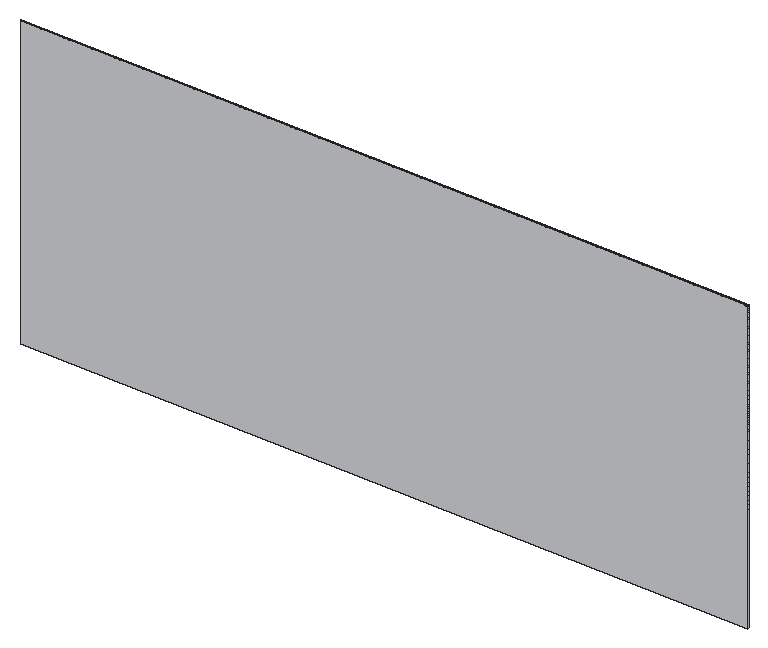
Revit family "27830AIR", category Generic Models, Revit 2017
Family settings
  Can host rebar = No
  Round Connector Dimension = Use Diameter
  Part Type = Normal
  Work Plane-Based = No
  Always vertical = Yes
  Cut with Voids When Loaded = No
  Shared = No
  Room Calculation Point = No
Parameters
  W = 2990 mm
  H = 1190 mm
  Whiteboard = none
  Base = none
Reference planes
  plane 1 "Center (Front/Back)": y = 0
  plane 2: z = 0
  plane 3 "Center (Left/Right)": x = 0
  plane 4: y = 0.5
  plane 5: y = 10.5
  plane 6: z = 1190
  plane 7: x = -1495
  plane 8: x = 1495
  plane 9: y = 4
Forms (mm)
  Extrusion 1, solid, material <- "Whiteboard"
    sketch origin (0, 0, 0) x (1, 0, 0) y (0, 0, 1)
      loop
        line (-1495, 1190) -> (-1495, 0) -> (1495, 0) -> (1495, 1190) -> (-1495, 1190)
    from -0.5 to 0
  Extrusion 2, solid, material <- "Base"
    sketch origin (0, 0, 0) x (1, 0, 0) y (0, 0, 1)
      loop
        line (-1495, 1190) -> (-1495, 0) -> (1495, 0) -> (1495, 1190) -> (-1495, 1190)
    from -10.5 to -0.5
  Sweep 3, void
    path origin (0, 10.5, 0) x (1, 0, 0) y (0, 0, 1)
      loop
        line (-1495, 1190) -> (-1495, 0) -> (1495, 0) -> (1495, 1190) -> (-1495, 1190)
    profile origin (0, 10.5, 1190) x (0, 0, 1) y (0, -1, 0)
      loop
        line (0, 0) -> (0, 6.5) -> (-6.5, 0) -> (0, 0)
Cuts and joins
  Sweep 3 cuts Extrusion 2
Dimensions and locks
  locked: plane 4 to plane 1 "Center (Front/Back)" at 0.5
  locked: plane 5 to plane 4 at 10
  equal spacing: plane 8, plane 3 "Center (Left/Right)", plane 7
  "W": plane 8 to plane 7
  "H": plane 6 to level
  aligned and locked: level to plane 2
  aligned and locked: Extrusion 1 sketch curve to plane 6
  aligned and locked: plane 7 to Extrusion 1 sketch curve
  aligned and locked: plane 2 to Extrusion 1 sketch curve
  aligned and locked: Extrusion 1 sketch curve to plane 8
  aligned and locked: plane 4 to Extrusion 1
  aligned and locked: plane 1 "Center (Front/Back)" to Extrusion 1
  aligned and locked: Extrusion 2 sketch curve to Extrusion 1  (x4)
  aligned and locked: plane 5 to Extrusion 2
  aligned and locked: Extrusion 2 to plane 4
  aligned and locked: Sweep 3 sketch curve to Extrusion 1  (x4)
Automatic sketch dimensions
  Sweep 3 sketch curve to profile plane = 0 mm
  profile plane to Sweep 3 sketch curve = 0 mm
  profile plane to Sweep 3 sketch curve = 6.5 mm  (x2)
